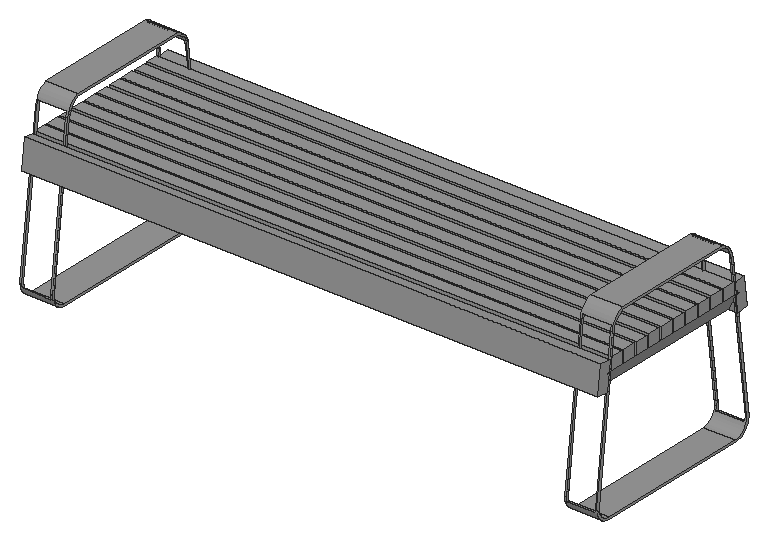
Revit family "Скамейка стальная «Глория Вуд» без спинки Арт 15621", category Антураж, Revit 2018
Family settings
  На основе рабочей плоскости = Нет
  Всегда вертикально = Да
  При загрузке вырезать с полостями = Нет
  Источник визуального образа = Геометрия семейства
  Общий = Нет
  Точка расчета площади = Нет
Parameters (values of type "Скамейка стальная «Глория Вуд» без спинки")
  ширина = 590 mm  # constant formula
  Цвет опор = Сталь
  Цвет лавки = Дерево
  Описание = "Скамейка стальная «Глория Вуд» без спинки"  # constant formula
  Материал изделия = "Сталь, дерево"  # constant formula
  Изображение типоразмера = Скамейка стальная «Глория Вуд» без спинки Арт 15621.jpg
  Изготовитель = "ООО «Хоббика»"  # constant formula
  Длина = 1800 mm  # constant formula
  Группа модели = "Скамейки"  # constant formula
  Высота = 570 mm  # constant formula
  Артикул товара = "Арт. 15621"  # constant formula
  URL = "https://hobbyka.ru/product/skameyka_bez_spinki_gloriya/"
Reference planes
  plane 1 "По центру (Вперед/Назад)": y = 0
  plane 2: z = 0
  plane 3 "По центру (Влево/Вправо)": x = 0
  plane 4: x = 1800
  plane 5: y = 590
  plane 6: z = 570
Forms (mm)
  Extrusion 1, solid, material "Сталь" <- "Цвет опор"
    sketch origin (0, 0, 0) x (0, 1, 0) y (0, 0, 1)
      loop
        arc (530, 520) -> (516.919, 550.704) -> (489.687, 570) r 61.283
        line (489.687, 570) -> (100.313, 570)
        arc (100.313, 570) -> (73.081, 550.704) -> (60, 520) r 61.283
        line (60, 520) -> (0, 50)
        arc (0, 50) -> (14.645, 14.645) -> (50, 0) r 50
        line (50, 0) -> (540, 0)
        arc (540, 0) -> (575.355, 14.645) -> (590, 50) r 50
        line (590, 50) -> (530, 520)
      loop
        line (488.809, 565) -> (101.191, 565)
        arc (101.191, 565) -> (76.711, 547.237) -> (64.96, 519.367) r 56.283
        line (64.96, 519.367) -> (5.001, 49.69)
        arc (5.001, 49.69) -> (18.29, 18.071) -> (50, 5) r 45
        line (50, 5) -> (540, 5)
        arc (540, 5) -> (571.71, 18.071) -> (584.999, 49.69) r 45
        line (584.999, 49.69) -> (525.04, 519.367)
        arc (525.04, 519.367) -> (513.289, 547.237) -> (488.809, 565) r 56.283
    from 0 to 100
  Extrusion 2, solid, material "Сталь" <- "Цвет опор"
    sketch origin (0, 0, 0) x (0, 1, 0) y (0, 0, 1)
      loop
        arc (530, 520) -> (516.919, 550.704) -> (489.687, 570) r 61.283
        line (489.687, 570) -> (100.313, 570)
        arc (100.313, 570) -> (73.081, 550.704) -> (60, 520) r 61.283
        line (60, 520) -> (0, 50)
        arc (0, 50) -> (14.645, 14.645) -> (50, 0) r 50
        line (50, 0) -> (540, 0)
        arc (540, 0) -> (575.355, 14.645) -> (590, 50) r 50
        line (590, 50) -> (530, 520)
      loop
        line (488.809, 565) -> (101.191, 565)
        arc (101.191, 565) -> (76.711, 547.237) -> (64.96, 519.367) r 56.283
        line (64.96, 519.367) -> (5.001, 49.69)
        arc (5.001, 49.69) -> (18.29, 18.071) -> (50, 5) r 45
        line (50, 5) -> (540, 5)
        arc (540, 5) -> (571.71, 18.071) -> (584.999, 49.69) r 45
        line (584.999, 49.69) -> (525.04, 519.367)
        arc (525.04, 519.367) -> (513.289, 547.237) -> (488.809, 565) r 56.283
    from 1700 to 1800
  Extrusion 3, void
    sketch origin (0, 0, 0) x (1, 0, 0) y (0, 0, 1)
      loop
        line (5, 535) -> (5, 35.898) -> (95, 35.898) -> (95, 535) -> (5, 535)
      loop
        line (1795, 535) -> (1705, 535) -> (1705, 35.898) -> (1795, 35.898) -> (1795, 535)
    from -604.786 to 11.158
  Extrusion 4, solid, material "Дерево" <- "Цвет лавки"
    sketch origin (0, 0, 0) x (0, 1, 0) y (0, 0, 1)
      loop
        line (56.104, 450) -> (56.104, 411.748) -> (96.104, 411.748) -> (96.104, 450) -> (56.104, 450)
    from 0 to 1800
  Extrusion 5, solid, material "Дерево" <- "Цвет лавки"
    sketch origin (0, 437.791, 0) x (0, 1, 0) y (0, 0, 1)
      loop
        line (56.104, 450) -> (56.104, 411.748) -> (96.104, 411.748) -> (96.104, 450) -> (56.104, 450)
    from 0 to 1800
  Extrusion 6, solid, material "Дерево" <- "Цвет лавки"
    sketch origin (0, 48.643, 0) x (0, 1, 0) y (0, 0, 1)
      loop
        line (56.104, 450) -> (56.104, 411.748) -> (96.104, 411.748) -> (96.104, 450) -> (56.104, 450)
    from 0 to 1800
  Extrusion 7, solid, material "Дерево" <- "Цвет лавки"
    sketch origin (0, 97.287, 0) x (0, 1, 0) y (0, 0, 1)
      loop
        line (56.104, 450) -> (56.104, 411.748) -> (96.104, 411.748) -> (96.104, 450) -> (56.104, 450)
    from 0 to 1800
  Extrusion 8, solid, material "Дерево" <- "Цвет лавки"
    sketch origin (0, 145.93, 0) x (0, 1, 0) y (0, 0, 1)
      loop
        line (56.104, 450) -> (56.104, 411.748) -> (96.104, 411.748) -> (96.104, 450) -> (56.104, 450)
    from 0 to 1800
  Extrusion 9, solid, material "Дерево" <- "Цвет лавки"
    sketch origin (0, 194.574, 0) x (0, 1, 0) y (0, 0, 1)
      loop
        line (56.104, 450) -> (56.104, 411.748) -> (96.104, 411.748) -> (96.104, 450) -> (56.104, 450)
    from 0 to 1800
  Extrusion 10, solid, material "Дерево" <- "Цвет лавки"
    sketch origin (0, 243.217, 0) x (0, 1, 0) y (0, 0, 1)
      loop
        line (56.104, 450) -> (56.104, 411.748) -> (96.104, 411.748) -> (96.104, 450) -> (56.104, 450)
    from 0 to 1800
  Extrusion 11, solid, material "Дерево" <- "Цвет лавки"
    sketch origin (0, 291.861, 0) x (0, 1, 0) y (0, 0, 1)
      loop
        line (56.104, 450) -> (56.104, 411.748) -> (96.104, 411.748) -> (96.104, 450) -> (56.104, 450)
    from 0 to 1800
  Extrusion 12, solid, material "Дерево" <- "Цвет лавки"
    sketch origin (0, 340.504, 0) x (0, 1, 0) y (0, 0, 1)
      loop
        line (56.104, 450) -> (56.104, 411.748) -> (96.104, 411.748) -> (96.104, 450) -> (56.104, 450)
    from 0 to 1800
  Extrusion 13, solid, material "Дерево" <- "Цвет лавки"
    sketch origin (0, 389.148, 0) x (0, 1, 0) y (0, 0, 1)
      loop
        line (56.104, 450) -> (56.104, 411.748) -> (96.104, 411.748) -> (96.104, 450) -> (56.104, 450)
    from 0 to 1800
  Extrusion 14, solid, material "Дерево" <- "Цвет лавки"
    sketch origin (0, 0, 0) x (0, 1, 0) y (0, 0, 1)
      loop
        line (15.78, 450) -> (4.387, 360.76) -> (39.106, 356.328) -> (50.498, 445.568) -> (15.78, 450)
      loop
        line (574.22, 450) -> (539.502, 445.568) -> (550.894, 356.328) -> (585.613, 360.76) -> (574.22, 450)
    from 0 to 1800
  Extrusion 15, solid, material "Сталь" <- "Цвет опор"
    sketch origin (0, 0, 0) x (1, 0, 0) y (0, 0, 1)
      loop
        line (0, 411.748) -> (31.997, 356.328) -> (100, 356.328) -> (100, 358.328) -> (33.151, 358.328) -> (3.464, 409.748) -> (100, 409.748) -> (100, 411.748) -> (0, 411.748)
      loop
        line (1800, 411.748) -> (1700, 411.748) -> (1700, 409.748) -> (1796.536, 409.748) -> (1766.849, 358.328) -> (1700, 358.328) -> (1700, 356.328) -> (1768.003, 356.328) -> (1800, 411.748)
    from -552.112 to -39.202
Cuts and joins
  Extrusion 3 cuts Extrusion 1
  Extrusion 3 cuts Extrusion 2
Lines and regions (mm)
  symbolic lines
    curve 1: line (0, 76.104, 450) -> (0, 611.104, 450)
    curve 2: line (0, 533.896, 450) -> (0, 533.896, 130)
Dimensions and locks
  "Длина": plane 3 "По центру (Влево/Вправо)" to plane 4
  "ширина": plane 5 to plane 1 "По центру (Вперед/Назад)"
  "Высота": plane 6 to plane 2
  equal spacing: group 1, group 3, group 4, group 5, group 6, group 7, group 8, group 9, group 10, group 2  (x3)
  aligned and locked: level to plane 2
Automatic sketch dimensions
  Extrusion 1 sketch curve to Extrusion 1 sketch curve = 0 mm  (x8)
  Extrusion 1 sketch curve to plane 1 "По центру (Вперед/Назад)" = 0 mm
  Extrusion 1 sketch curve to level = 0 mm
  Extrusion 1 sketch curve to plane 6 = 0 mm
  Extrusion 1 sketch curve to plane 5 = 0 mm
  Extrusion 1 sketch curve to plane 1 "По центру (Вперед/Назад)" = 5.001 mm
  Extrusion 1 sketch curve to Extrusion 1 sketch curve = 44.999 mm
  Extrusion 1 sketch curve to plane 1 "По центру (Вперед/Назад)" = 60 mm
  Extrusion 1 sketch curve to plane 6 = 50.633 mm  (x2)
  Extrusion 1 sketch curve to Extrusion 1 sketch curve = 4.96 mm
  Extrusion 1 sketch curve to Extrusion 1 sketch curve = 35.353 mm
  Extrusion 1 sketch curve to Extrusion 1 sketch curve = 0.879 mm  (x2)
  Extrusion 1 sketch curve to Extrusion 1 sketch curve = 55.829 mm  (x2)
  Extrusion 1 sketch curve to plane 6 = 57.76 mm
  Extrusion 1 sketch curve to plane 5 = 120.789 mm
  Extrusion 1 sketch curve to Extrusion 1 sketch curve = 19.598 mm
  Extrusion 1 sketch curve to plane 6 = 50 mm
  Extrusion 1 sketch curve to plane 5 = 50 mm
  Extrusion 1 sketch curve to plane 5 = 5.001 mm
  Extrusion 1 sketch curve to Extrusion 1 sketch curve = 5 mm
  Extrusion 2 sketch curve to Extrusion 2 sketch curve = 0 mm  (x8)
  Extrusion 2 sketch curve to plane 1 "По центру (Вперед/Назад)" = 0 mm
  Extrusion 2 sketch curve to level = 0 mm
  Extrusion 2 sketch curve to plane 6 = 0 mm
  Extrusion 2 sketch curve to plane 5 = 0 mm
  Extrusion 2 sketch curve to plane 1 "По центру (Вперед/Назад)" = 5.001 mm
  Extrusion 2 sketch curve to Extrusion 2 sketch curve = 44.999 mm
  Extrusion 2 sketch curve to plane 1 "По центру (Вперед/Назад)" = 60 mm
  Extrusion 2 sketch curve to plane 6 = 50.633 mm  (x2)
  Extrusion 2 sketch curve to Extrusion 2 sketch curve = 4.96 mm
  Extrusion 2 sketch curve to Extrusion 2 sketch curve = 35.353 mm
  Extrusion 2 sketch curve to Extrusion 2 sketch curve = 0.879 mm  (x2)
  Extrusion 2 sketch curve to Extrusion 2 sketch curve = 55.829 mm  (x2)
  Extrusion 2 sketch curve to plane 6 = 57.76 mm
  Extrusion 2 sketch curve to plane 5 = 120.789 mm
  Extrusion 2 sketch curve to Extrusion 2 sketch curve = 19.598 mm
  Extrusion 2 sketch curve to plane 6 = 50 mm
  Extrusion 2 sketch curve to plane 5 = 50 mm
  Extrusion 2 sketch curve to plane 5 = 5.001 mm
  Extrusion 2 sketch curve to Extrusion 2 sketch curve = 5 mm
  plane 3 "По центру (Влево/Вправо)" to Extrusion 3 sketch curve = 5 mm
  Extrusion 3 sketch curve to Extrusion 3 sketch curve = 90 mm
  Extrusion 3 sketch curve to plane 4 = 95 mm
  Extrusion 3 sketch curve to plane 4 = 5 mm
  level to Extrusion 3 sketch curve = 35.898 mm  (x2)
  Extrusion 3 sketch curve to plane 6 = 35 mm  (x2)
  Extrusion 4 sketch curve to Extrusion 4 sketch curve = 40 mm
  Extrusion 4 sketch curve to Extrusion 4 sketch curve = 38.252 mm
  curve 1 to plane 1 "По центру (Вперед/Назад)" = 76.104 mm
  curve 2 to plane 5 = 56.104 mm
  level to curve 2 = 130 mm
  plane 5 to curve 1 = 21.104 mm
  curve 2 to plane 6 = 120 mm
  Extrusion 5 sketch curve to Extrusion 5 sketch curve = 40 mm
  Extrusion 5 sketch curve to Extrusion 5 sketch curve = 38.252 mm
  Extrusion 6 sketch curve to Extrusion 6 sketch curve = 40 mm
  Extrusion 6 sketch curve to Extrusion 6 sketch curve = 38.252 mm
  Extrusion 7 sketch curve to Extrusion 7 sketch curve = 40 mm
  Extrusion 7 sketch curve to Extrusion 7 sketch curve = 38.252 mm
  Extrusion 8 sketch curve to Extrusion 8 sketch curve = 40 mm
  Extrusion 8 sketch curve to Extrusion 8 sketch curve = 38.252 mm
  Extrusion 9 sketch curve to Extrusion 9 sketch curve = 40 mm
  Extrusion 9 sketch curve to Extrusion 9 sketch curve = 38.252 mm
  Extrusion 10 sketch curve to Extrusion 10 sketch curve = 40 mm
  Extrusion 10 sketch curve to Extrusion 10 sketch curve = 38.252 mm
  Extrusion 11 sketch curve to Extrusion 11 sketch curve = 40 mm
  Extrusion 11 sketch curve to Extrusion 11 sketch curve = 38.252 mm
  Extrusion 12 sketch curve to Extrusion 12 sketch curve = 40 mm
  Extrusion 12 sketch curve to Extrusion 12 sketch curve = 38.252 mm
  Extrusion 13 sketch curve to Extrusion 13 sketch curve = 40 mm
  Extrusion 13 sketch curve to Extrusion 13 sketch curve = 38.252 mm
  Extrusion 14 sketch curve to plane 1 "По центру (Вперед/Назад)" = 4.387 mm
  Extrusion 14 sketch curve to plane 1 "По центру (Вперед/Назад)" = 15.78 mm
  Extrusion 14 sketch curve to Extrusion 14 sketch curve = 34.718 mm
  Extrusion 14 sketch curve to plane 5 = 50.498 mm
  Extrusion 14 sketch curve to plane 5 = 39.106 mm
  Extrusion 14 sketch curve to plane 5 = 15.78 mm
  Extrusion 14 sketch curve to plane 6 = 213.672 mm  (x2)
  Extrusion 14 sketch curve to Extrusion 14 sketch curve = 4.432 mm  (x2)
  Extrusion 15 sketch curve to plane 3 "По центру (Влево/Вправо)" = 0 mm
  Extrusion 15 sketch curve to plane 4 = 0 mm
  plane 3 "По центру (Влево/Вправо)" to Extrusion 15 sketch curve = 3.464 mm
  plane 3 "По центру (Влево/Вправо)" to Extrusion 15 sketch curve = 31.997 mm
  Extrusion 15 sketch curve to Extrusion 15 sketch curve = 1.155 mm  (x2)
  Extrusion 15 sketch curve to Extrusion 15 sketch curve = 66.849 mm
  Extrusion 15 sketch curve to Extrusion 15 sketch curve = 0 mm  (x2)
  Extrusion 15 sketch curve to plane 4 = 100 mm
  Extrusion 15 sketch curve to plane 4 = 33.151 mm
  Extrusion 15 sketch curve to plane 4 = 3.464 mm
  Extrusion 15 sketch curve to plane 6 = 213.672 mm  (x2)
  Extrusion 15 sketch curve to Extrusion 15 sketch curve = 2 mm  (x4)
  Extrusion 15 sketch curve to Extrusion 15 sketch curve = 51.42 mm  (x2)
